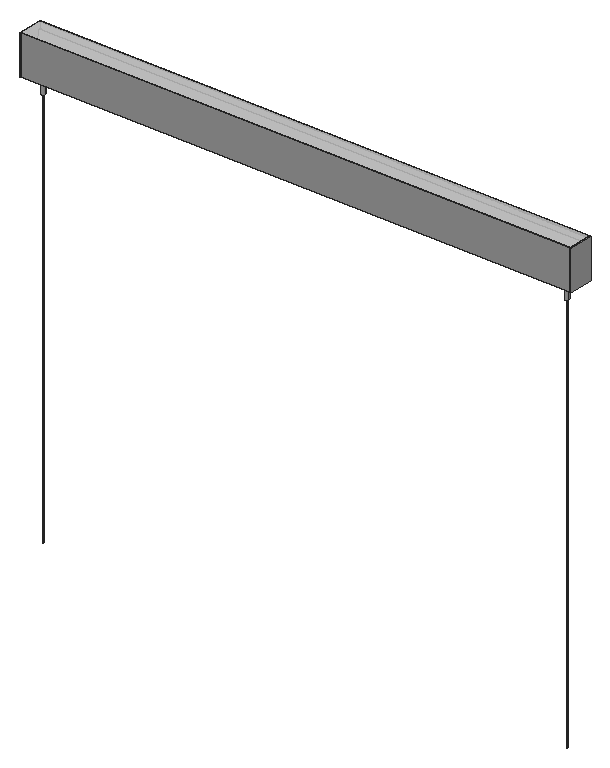
Revit family "2093098 Sylvania Lighting Fixture MC2-KIT D I 1-2M 4K DALIEM WHT OPAL", category Lighting Fixtures, host Face, Revit 2016
Family settings
  Host = Face
  Part Type = Normal
  Round Connector Dimension = Use Diameter
  OmniClass Number = 23.80.70.11.17
  OmniClass Title = Specialized Lighting by Location or Use
  Cut with Voids When Loaded = No
  Light Source = Yes
  Shared = No
  Room Calculation Point = No
Parameters (values of type "2093098 MC2-KIT D/I 1.2M 4K DALIEM WHT OPAL Emergency mode")
  Width_SYL = 54.0 mm
  Weight = "3.8 kg"
  Wattage = 35 W
  WarrantyStartDate [instance] = "n/a"
  WarrantyGuarantorParts = "n/a"
  WarrantyDurationUnit = "n/a"
  WarrantyDurationParts = "n/a"
  WarrantyDescription = "n/a"
  built-in parameter 1150110 = 1 (stored number, unit not read)
  Voltage = 0 V
  URL = "http://www.sylvania-lighting.com"
  TypeName = "MC2-KIT D/I 1.2M 4K DALIEM WHT OPAL Emergency mode"
  built-in parameter 1114217 = 1 (stored number, unit not read)
  Tilt Angle = -90.00°
  built-in parameter 1150109 = 1 (stored number, unit not read)
  built-in parameter 1150134 = 12
  built-in parameter 1150113 = 1 (stored number, unit not read)
  SerialNumber [instance] = "n/a"
  PowerFactor = 0.95
  PowerConsumption = "35 W"
  NominalWidth = 0.0 mm
  NominalLength = 1200.0 mm
  NominalHeight = 86.0 mm
  Name = "MC2-KIT D/I 1.2M 4K DALIEM WHT OPAL Emergency mode"
  ModelReference = "MC2-KIT D/I 1.2M 4K DALIEM WHT OPAL"
  ModelNumber = "2093098"
  Material_3_SYL = Metal_Sylvania_Mini Contiuum II_Silver
  Photometric Web File = "2093098EM.ies"
  Material_4_SYL = Metal_Sylvania_Mini Contiuum II_Silver
  MountingHeight_SYL [instance] = 1000.0 mm
  Material = "aluminium housing, polycarbonate diffuser"
  ManufacturerName = "Feilo Sylvania"
  LuminousEfficacy = "3.457 lm/W"
  LuminaireType = ""
  LightOutputRatio = "100"
  Length_SYL = 1200.0 mm
  LampsType = Lamp  # "LED"
  LampNominalLuminous = "121 lm"
  LampMacAdamStep = "3"
  LampColourTemperature = "4000 K"
  LampColourRenderingIndex = "80"
  Keynote = "16500"
  InstallationDate [instance] = "n/a"
  InputVoltage = "n/a"
  InputNominalFrequency = "n/a"
  IngressProtection = "IP20"
  ImpactProtectionIndex = "n/a"
  IfcExportType = "IfcLightFixtureType"
  IfcExportAs = "IfcLightFixtureType"
  Height_SYL = 86.0 mm
  ExpectedLife = 50000
  EndCapRight_SYL = yes
  EndCapLeft_SYL = yes
  Emit from Rectangle Width = Width_SYL - 2.0 mm  # 52.0 mm
  Emit from Rectangle Length = Length_SYL  # 1200.0 mm
  Emit Shape Visible in Rendering = no
  ElectricShockClassification = "Class I"
  DurationUnit = "hours"
  DocumentationLiterature = "http://www.sylvania-lighting.com/product/en-int/products/2093098"
  DimmingControlOptions = "n/a"
  CreatedOn = "10/15/2018"
  CreatedBy = "@sylvania-lighting.com"
  built-in parameter 1114216 [instance] = 1 (stored number, unit not read)
  Model = "MC2-KIT D/I 1.2M 4K DALIEM WHT OPAL"
  Manufacturer = "Feilo Sylvania"
  built-in parameter 1150105 = 9.6289 (stored number, unit not read)
  Lumens = 121 lm
  built-in parameter 1150115 = 1 (stored number, unit not read)
  built-in parameter 1150137 = (empty or 0)
  built-in parameter 1150139 = (empty or 0)
  built-in parameter 1150112 = 1 (stored number, unit not read)
  built-in parameter 1150114 = 1 (stored number, unit not read)
  Lamp = "LED"
  built-in parameter 1150132 = 2
  built-in parameter 1150102 = (empty or 0)
  built-in parameter 1150107 = 4000 (stored number, unit not read)
  built-in parameter 1150138 = (empty or 0)
  built-in parameter 1150106 = 0.096289 (stored number, unit not read)
  Material_1_SYL = Metal_Sylvania_Mini Continuum II_White
  built-in parameter 1150104 = 0.32118 (stored number, unit not read)
  Dimming Lamp Color Temperature Shift = <None>
  Material_2_SYL = Polycarbonate_Sylvania_Mini Continuum II_Opal_4000K
  Description = "2093098   MC2-KIT D/I 1.2M 4K DALIEM WHT OPAL  Continuous lines of LED light, white RAL 9016, direct/indirect distribution (65/35), suspended kit version is pre-wired and supplied complete with end caps and suspension cables, compact and minimalist design based on the Golden Mean, ideal for offices, meeting rooms, corridors, education facilities, museums and libraries, extruded aluminium body, diffuser: opal, colour temperature: 4000K neutral white, total system power: 35W, total fixture output: 3833lm, luminaire efficacy: 110lm/W, LOR: 100%, colour rendering: Ra >80, LED Chromacity: 1 step MacAdam ellipse, lifetime: 50,000 hours at 90% of the original output (L90), energy class: A++, A+, A, IR/UV free light source without heat radiation, operating voltage: 220-240V / 50-60Hz, drive current: (Direct) 800mA + (Indirect) 350mA, electronic driver, DALI dimmable, direct/indirect independently addressable, integral emergency: 3 hour maintained, electrical protection: CLASS I, IP20, suitable for internal environment only."
  Default Elevation = 0.0 mm
  Color Filter = 16777215
  built-in parameter 1140040 [instance] = 1
  BarCode [instance] = "n/a"
  built-in parameter 1114218 = 1 (stored number, unit not read)
  built-in parameter 1150133 = 10 (stored number, unit not read)
  AssetType = "Fixed"
  AssetIdentifier [instance] = "n/a"
  Assembly Code = "D5020200"
  Apparent Load = 35 VA
Types (2, lengths in mm): name | TypeName | Name | Photometric Web File | LuminousEfficacy | LampNominalLuminous | built-in parameter 1150105 | Lumens | built-in parameter 1150106 | built-in parameter 1150104
  2093098 MC2-KIT D/I 1.2M 4K DALIEM WHT OPAL Emergency mode | "MC2-KIT D/I 1.2M 4K DALIEM WHT OPAL Emergency mode" | "MC2-KIT D/I 1.2M 4K DALIEM WHT OPAL Emergency mode" | "2093098EM.ies" | "3.457 lm/W" | "121 lm" | 9.6289 (stored number, unit not read) | 121 lm | 0.096289 (stored number, unit not read) | 0.32118 (stored number, unit not read)
  2093098 MC2-KIT D/I 1.2M 4K DALIEM WHT OPAL | "MC2-KIT D/I 1.2M 4K DALIEM WHT OPAL" | "MC2-KIT D/I 1.2M 4K DALIEM WHT OPAL" | "2093098.ies" | "115 lm/W" | "4032 lm" | 320.3 (stored number, unit not read) | 4025 lm | 3.203 (stored number, unit not read) | 10.684 (stored number, unit not read)
Reference planes
  plane 1 "Center (Front/Back)": y = 0
  plane 2 "Bottom Fixtures": z = 0
  plane 3 "Center (Left/Right)": x = 0
  plane 4 "Fixture Left": x = -600
  plane 5 "Fixture Right": x = 600
  plane 6 "Fixture Bottom": z = 1000
  plane 7: z = 998
  plane 8: z = 996
  plane 9: z = 986.951
  plane 10: z = 956.951
  plane 11 "Fixture Top": z = 914
  plane 12 "Mounting Right": x = 572
  plane 13 "Mounting Left": x = -572
  plane 14: z = 879
  plane 15: y = 27
  plane 16: y = -27
  plane 17: y = -26
  plane 18: y = -25
  plane 19: y = 26
  plane 20: y = 25
  plane 21: y = 11
  plane 22: y = -11
  plane 23: y = 24
  plane 24: y = 22
  plane 25: y = -22
  plane 26: y = 15
  plane 27: y = -15
  plane 28 "Upper Diffuser Left": x = -450
  plane 29 "Upper Diffuser Right": x = 450
  plane 30: x = -602
  plane 31: x = 602
Forms (mm)
  Extrusion 1, solid, material "Metal_Sylvania_Mini Continuum II_White" <- "Material_1_SYL", detail levels fine
    sketch origin (0, 0, 520) x (0, 1, 0) y (0, 0, 1)
      loop
        line (27, 480) -> (26, 480) -> (26, 478) -> (25, 478) -> (25, 396) -> (13, 396) -> (13, 398) -> (-13, 398) -> (-13, 396) -> (-25, 396) -> (-25, 478) -> (-26, 478) -> (-26, 480) -> (-27, 480) -> (-27, 394) -> (-11, 394) -> (-11, 396) -> (11, 396) -> (11, 394) -> (27, 394) -> (27, 480)
    from -600 to 600
  Extrusion 2, solid, material "Polycarbonate_Sylvania_Mini Continuum II_Opal_4000K" <- "Material_2_SYL", detail levels fine
    sketch origin (0, 0, 520) x (0, 1, 0) y (0, 0, 1)
      loop
        line (-26, 480) -> (-26, 478) -> (26, 478) -> (26, 480) -> (-26, 480)
    from -600 to 600
  Extrusion 3, solid, material "Metal_Sylvania_Mini Contiuum II_Silver" <- "Material_3_SYL", detail levels fine
    sketch origin (0, 0, 520) x (0, 1, 0) y (0, 0, 1)
      loop
        line (22, 466.951) -> (20.973, 466.951) -> (14.206, 437.951) -> (11, 437.951) -> (11, 436.951) -> (15, 436.951) -> (22, 466.951)
      loop
        line (-15, 436.951) -> (-11, 436.951) -> (-11, 437.951) -> (-14.206, 437.951) -> (-20.973, 466.951) -> (-22, 466.951) -> (-15, 436.951)
    from -600 to 600
  Extrusion 4, solid, material "Metal_Sylvania_Mini Continuum II_White" <- "Material_1_SYL", detail levels coarse+medium
    sketch origin (0, 0, 520) x (0, 1, 0) y (0, 0, 1)
      loop
        line (-27, 480) -> (-27, 394) -> (27, 394) -> (27, 480) -> (-27, 480)
    from -600 to 600
  Extrusion 5, solid, material "Metal_Sylvania_Mini Contiuum II_Silver" <- "Material_4_SYL", detail levels fine
    sketch origin (0, 0, -86) x (-1, 0, 0) y (0, -1, 0)
      loop
        circle (572, 0) r 4
      loop
        circle (-572, 0) r 4
    from 965 to 1002
  Extrusion 6, solid, material "Metal_Sylvania_Mini Contiuum II_Silver" <- "Material_4_SYL", detail levels fine
    sketch origin (0, 0, -86) x (-1, 0, 0) y (0, -1, 0)
      loop
        circle (-572, 0) r 1
      loop
        circle (572, 0) r 1
    from 86 to 965
  Extrusion 7, solid, material "Polycarbonate_Sylvania_Mini Continuum II_Opal_4000K" <- "Material_2_SYL", detail levels fine
    sketch origin (0, 0, 0) x (0, 1, 0) y (0, 0, 1)
      loop
        arc (11, 916) -> (5.59, 914.504) -> (0, 914) r 31.25
        arc (0, 914) -> (-5.59, 914.504) -> (-11, 916) r 31.25
        line (-11, 916) -> (-11, 914.934)
        arc (-11, 914.934) -> (-5.584, 913.487) -> (0, 913) r 32.25
        arc (0, 913) -> (5.584, 913.487) -> (11, 914.934) r 32.25
        line (11, 914.934) -> (11, 916)
    from -450 to 450
  Extrusion 8, void
    sketch origin (0, 0, 0) x (0, 1, 0) y (0, 0, 1)
      loop
        line (11, 918) -> (-11, 918) -> (-11, 916) -> (11, 916) -> (11, 918)
    from -450 to 450
  Extrusion 9, solid, material "Metal_Sylvania_Mini Continuum II_White" <- "Material_1_SYL", visible <- "EndCapLeft_SYL"
    sketch origin (-600, 171.684, 1219.2) x (0, 1, 0) y (0, 0, 1)
      loop
        line (-198.684, -305.2) -> (-144.684, -305.2) -> (-144.684, -219.2) -> (-198.684, -219.2) -> (-198.684, -305.2)
    from 0 to -2
  Extrusion 10, solid, material "Metal_Sylvania_Mini Continuum II_White" <- "Material_1_SYL", visible <- "EndCapRight_SYL"
    sketch origin (600, 171.684, 1219.2) x (0, 1, 0) y (0, 0, -1)
      loop
        line (-144.684, 219.2) -> (-144.684, 305.2) -> (-198.684, 305.2) -> (-198.684, 219.2) -> (-144.684, 219.2)
    from 0 to -2
Cuts and joins
  Extrusion 8 cuts Extrusion 1
Lines and regions (mm)
  Masking region 1
    outline origin (0, 0, -86) x (-1, 0, 0) y (0, -1, 0)
      loop
        line (600, -27) -> (600, 27) -> (-600, 27) -> (-600, -27) -> (600, -27)
  symbolic lines, detail levels fine
    curve 1: line (-600, 26, -86) -> (600, 26, -86)
    curve 2: line (-600, -26, -86) -> (600, -26, -86)
  model lines, detail levels coarse+medium
    curve 3: line (-572, 0, 914) -> (-572, 0, 0)
    curve 4: line (572, 0, 914) -> (572, 0, 0)
Dimensions and locks
  host sketch curve to plane 3 "Center (Left/Right)" to host sketch curve = 820.0 mm, 775.047 mm
  equal spacing: plane 4 "Fixture Left", plane 3 "Center (Left/Right)", plane 5 "Fixture Right"
  "Length_SYL": plane 4 "Fixture Left" to plane 5 "Fixture Right"
  plane 6 "Fixture Bottom" to plane 7 to plane 8 to plane 9 to plane 10 = 2.0 mm locked, 2.0 mm locked, 9.049 mm locked, 30.0 mm locked
  locked: Extrusion 1 sketch curve to Extrusion 1 sketch curve at 2
  locked: Extrusion 1 sketch curve to plane 11 "Fixture Top" at 2
  "Height_SYL": plane 6 "Fixture Bottom" to plane 11 "Fixture Top"
  locked: plane 12 "Mounting Right" to plane 5 "Fixture Right" at 28
  locked: plane 4 "Fixture Left" to plane 13 "Mounting Left" at 28
  locked: plane 11 "Fixture Top" to plane 14 at 35
  "MountingHeight_SYL": plane 6 "Fixture Bottom" to plane 2 "Bottom Fixtures"
  equal spacing: plane 15, plane 1 "Center (Front/Back)", plane 16
  "Width_SYL": plane 15 to plane 16
  plane 22 to plane 27 to plane 25 to plane 18 to plane 17 to plane 16 = 4.0 mm locked, 7.0 mm locked, 3.0 mm locked, 1.0 mm locked, 1.0 mm locked
  plane 15 to plane 19 to plane 20 to plane 23 to plane 24 to plane 26 to plane 21 = 1.0 mm locked, 1.0 mm locked, 1.0 mm locked, 2.0 mm locked, 7.0 mm locked, 4.0 mm locked
  locked: plane 4 "Fixture Left" to plane 28 "Upper Diffuser Left" at 150
  locked: plane 29 "Upper Diffuser Right" to plane 5 "Fixture Right" at 150
  equal spacing: plane 30, plane 3 "Center (Left/Right)", plane 31
  locked: plane 30 to plane 4 "Fixture Left" at 2
  aligned and locked: plane 2 "Bottom Fixtures" to host face
  aligned and locked: level to host face
  aligned and locked: plane 5 "Fixture Right" to curve 1
  aligned and locked: plane 4 "Fixture Left" to curve 1
  aligned and locked: plane 4 "Fixture Left" to curve 2
  aligned and locked: plane 5 "Fixture Right" to curve 2
  aligned and locked: Extrusion 1 sketch curve to plane 7
  aligned and locked: plane 6 "Fixture Bottom" to Extrusion 1 sketch curve  (x2)
  aligned and locked: plane 7 to Extrusion 1 sketch curve
  aligned and locked: Extrusion 1 to Extrusion 2 sketch curve
  aligned and locked: Extrusion 2 sketch curve to Extrusion 1  (x3)
  aligned and locked: Extrusion 3 sketch curve to plane 10
  aligned and locked: plane 9 to Extrusion 3 sketch curve
  aligned and locked: Extrusion 3 sketch curve to plane 9
  aligned and locked: Extrusion 4 sketch curve to plane 6 "Fixture Bottom"
  aligned and locked: Extrusion 4 to plane 4 "Fixture Left"
  aligned and locked: Extrusion 2 to plane 4 "Fixture Left"
  aligned and locked: Extrusion 3 to plane 4 "Fixture Left"
  aligned and locked: Extrusion 1 to plane 4 "Fixture Left"
  aligned and locked: Extrusion 4 to plane 5 "Fixture Right"
  aligned and locked: Extrusion 2 to plane 5 "Fixture Right"
  aligned and locked: Extrusion 3 to plane 5 "Fixture Right"
  aligned and locked: Extrusion 1 to plane 5 "Fixture Right"
  aligned and locked: plane 11 "Fixture Top" to Extrusion 4 sketch curve
  aligned and locked: Extrusion 1 sketch curve to plane 11 "Fixture Top"  (x2)
  aligned and locked: Extrusion 1 sketch curve to Extrusion 1 sketch curve
  aligned and locked: plane 6 "Fixture Bottom" to imposter light
  aligned and locked: plane 11 "Fixture Top" to curve 3
  aligned and locked: plane 2 "Bottom Fixtures" to curve 3
  aligned and locked: plane 11 "Fixture Top" to curve 4
  aligned and locked: plane 2 "Bottom Fixtures" to curve 4
  aligned and locked: curve 4 to plane 12 "Mounting Right"
  aligned and locked: curve 3 to plane 13 "Mounting Left"
  aligned and locked: Extrusion 5 to Extrusion 1
  aligned and locked: Extrusion 5 to plane 14
  aligned and locked: plane 14 to Extrusion 6
  aligned and locked: Extrusion 6 to level
  aligned and locked: plane 11 "Fixture Top" to Extrusion 7 sketch curve
  aligned and locked: Extrusion 7 to plane 28 "Upper Diffuser Left"
  aligned and locked: Extrusion 7 to plane 29 "Upper Diffuser Right"
  aligned and locked: plane 21 to Extrusion 3 sketch curve
  aligned and locked: Extrusion 3 sketch curve to plane 22
  aligned and locked: Extrusion 8 sketch curve to plane 21
  aligned and locked: Extrusion 8 sketch curve to plane 22
  aligned and locked: Extrusion 8 sketch curve to Extrusion 1  (x2)
  aligned and locked: Extrusion 8 to Extrusion 7  (x2)
  aligned and locked: plane 21 to Extrusion 7 sketch curve
  aligned and locked: plane 1 "Center (Front/Back)" to Extrusion 7 sketch curve
  aligned and locked: plane 22 to Extrusion 7 sketch curve
  aligned and locked: Extrusion 9 sketch curve to Extrusion 4  (x4)
  aligned and locked: Extrusion 9 to plane 30
  aligned and locked: plane 4 "Fixture Left" to Extrusion 9
  aligned and locked: Extrusion 10 sketch curve to Extrusion 4  (x4)
  aligned and locked: plane 31 to Extrusion 10
  aligned and locked: plane 5 "Fixture Right" to Extrusion 10
Automatic sketch dimensions
  host sketch curve to host sketch curve = 1047.463 mm
  plane 19 to curve 1 = 0.0 mm
  curve 2 to plane 17 = 0.0 mm
  Masking region 1 sketch curve to plane 5 "Fixture Right" = 0.0 mm
  Masking region 1 sketch curve to plane 4 "Fixture Left" = 0.0 mm
  plane 15 to Masking region 1 sketch curve = 0.0 mm
  Masking region 1 sketch curve to plane 16 = 0.0 mm
  Extrusion 1 sketch curve to plane 16 = 0.0 mm
  Extrusion 1 sketch curve to plane 17 = 0.0 mm
  Extrusion 1 sketch curve to plane 18 = 0.0 mm
  Extrusion 1 sketch curve to plane 22 = 0.0 mm
  Extrusion 1 sketch curve to plane 21 = 0.0 mm
  Extrusion 1 sketch curve to plane 20 = 0.0 mm
  Extrusion 1 sketch curve to plane 19 = 0.0 mm
  Extrusion 1 sketch curve to plane 15 = 0.0 mm
  plane 11 "Fixture Top" to Extrusion 1 sketch curve = 2.0 mm
  Extrusion 1 sketch curve to plane 22 = 2.0 mm
  Extrusion 1 sketch curve to plane 21 = 2.0 mm
  Extrusion 3 sketch curve to plane 25 = 0.0 mm
  Extrusion 3 sketch curve to plane 27 = 0.0 mm
  Extrusion 3 sketch curve to plane 26 = 0.0 mm
  Extrusion 3 sketch curve to plane 24 = 0.0 mm
  plane 10 to Extrusion 3 sketch curve = 1.0 mm
  Extrusion 3 sketch curve to Extrusion 3 sketch curve = 1.027 mm
  plane 27 to Extrusion 3 sketch curve = 0.794 mm
  plane 26 to Extrusion 3 sketch curve = 0.794 mm
  plane 24 to Extrusion 3 sketch curve = 1.027 mm
  Extrusion 4 sketch curve to plane 16 = 0.0 mm
  Extrusion 4 sketch curve to plane 15 = 0.0 mm
  plane 1 "Center (Front/Back)" to Extrusion 5 sketch curve = 0.0 mm  (x2)
  Extrusion 5 sketch curve to plane 12 "Mounting Right" = 0.0 mm
  Extrusion 5 sketch curve to plane 13 "Mounting Left" = 0.0 mm
  plane 1 "Center (Front/Back)" to Extrusion 6 sketch curve = 0.0 mm  (x2)
  Extrusion 6 sketch curve to plane 12 "Mounting Right" = 0.0 mm
  Extrusion 6 sketch curve to plane 13 "Mounting Left" = 0.0 mm
  Extrusion 7 sketch curve to Extrusion 7 sketch curve = 0.0 mm  (x4)
  plane 11 "Fixture Top" to Extrusion 7 sketch curve = 0.934 mm
  Extrusion 3 sketch curve to Extrusion 3 sketch curve = 0.0 mm
  Extrusion 3 sketch curve to plane 10 = 0.0 mm
  plane 11 "Fixture Top" to Extrusion 7 sketch curve = 2.0 mm
  radius of Extrusion 5 sketch curve = 4.0 mm  (x2)
  radius of Extrusion 6 sketch curve = 1.0 mm  (x2)
Connectors
  electrical at (600, 0, 949), driven by "Apparent Load"
    settings: on Extrusion 1, index 1, voltage 230 V, apparent load 0 VA, apparent load phase1 35 VA, apparent load phase2 0 VA, apparent load phase3 0 VA, power factor 1, load classification "Lighting", number of poles 1, system type 31, power factor state 1, is connector primary yes, connector utility no, sub classification motor no, connector description ""
